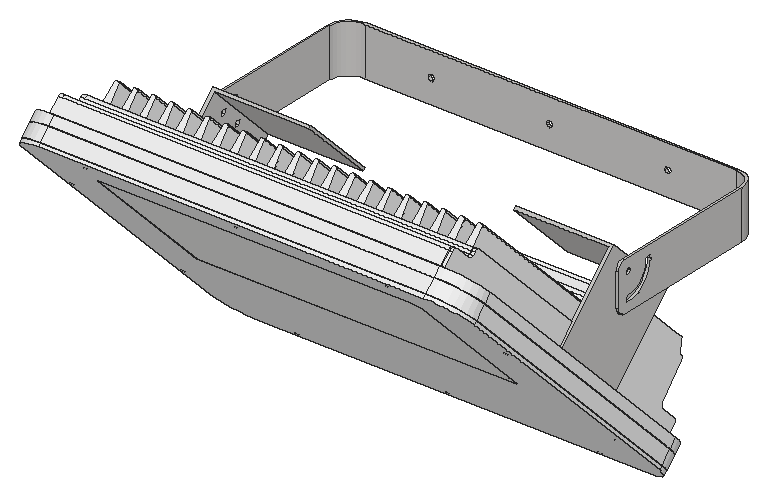
Revit family "FT ATEX LED MAX_2021", category Luminarias, Revit 2021 (continued)
Types (12, lengths in mm): name | Wattage | Power | Position | Archivo de red fotométrica | built-in parameter 1150142 | Modules | Lumens | built-in parameter 1150105 | built-in parameter 1150106 | Equiv MH
    624.2433\t643.4015\t667.6163\t691.1901\t701.8019\t686.2759\t639.1283\t562.5668\t470.6218\r\n370.5577\t237.2338\t116.231\t82.9001\t66.5907\t53.9135\t0\t0\t0\t0\r\n0\t0\t0\t0\t0\t0\t0\t0\t0\t0\r\n0\t0\t0\t0\t0\t0\t0\t0\t0\t0\r\n0\t0\t0\t0\t0\t0\t0\t0\t0\t0\r\n0\t0\t0\t0\t0\t0\t0\t0\t0\t0\r\n0\r\n1168.5778\t1136.1014\t1104.6222\t1073.143\t1041.9486\t1011.1103\t983.0497\t957.8378\t932.9108\t907.5565\r\n881.6324\t845.0965\t810.4124\t776.6541\t744.9612\t716.6156\t693.8965\t676.8749\t656.1499\t640.98\r\n630.0121\t622.1067\t613.2042\t607.1505\t602.3075\t599.53\t597.0373\t594.1172\t592.9777\t599.0314\r\n607.4354\t622.8189\t645.0395\t667.6163\t684.9227\t686.632\t652.8025\t603.3046\t532.7968\t432.6615\r\n321.5583\t205.3273\t110.6759\t84.1108\t66.9468\t55.0531\t0\t0\t0\t0\r\n0\t0\t0\t0\t0\t0\t0\t0\t0\t0\r\n0\t0\t0\t0\t0\t0\t0\t0\t0\t0\r\n0\t0\t0\t0\t0\t0\t0\t0\t0\t0\r\n0\t0\t0\t0\t0\t0\t0\t0\t0\t0\r\n0\r\n1166.1563\t1131.9707\t1098.6397\t1065.6649\t1033.4022\t1001.7093\t972.8652\t947.5109\t922.0853\t894.3808\r\n863.6849\t822.1637\t785.9127\t750.9437\t718.9659\t690.6916\t668.186\t650.5235\t631.8638\t618.6881\r\n609.2871\t599.53\t592.1231\t586.9952\t584.0752\t581.9386\t581.3689\t581.8674\t585.4996\t594.2597\r\n609.9281\t630.5107\t652.1615\t668.9695\t673.5988\t663.0582\t633.1458\t579.2323\t496.3322\t390.0007\r\n273.0575\t172.1387\t110.6759\t87.2445\t66.5907\t53.9135\t0\t0\t0\t0\r\n0\t0\t0\t0\t0\t0\t0\t0\t0\t0\r\n0\t0\t0\t0\t0\t0\t0\t0\t0\t0\r\n0\t0\t0\t0\t0\t0\t0\t0\t0\t0\r\n0\t0\t0\t0\t0\t0\t0\t0\t0\t0\r\n0\r\n1167.7943\t1131.3297\t1097.0017\t1062.3887\t1028.9153\t997.08\t967.5949\t941.8845\t915.4619\t885.7631\r\n849.0136\t805.8543\t767.6092\t731.7855\t700.4487\t672.4592\t649.8825\t631.7214\t614.5574\t602.8061\r\n592.3367\t584.2177\t578.5913\t574.6742\t572.039\t571.8254\t573.0361\t575.9561\t583.5767\t598.3904\r\n614.5574\t633.217\t654.0845\t667.1177\t667.8299\t655.9362\t616.694\t551.5277\t467.6305\t369.2045\r\n260.3803\t154.5474\t109.4651\t92.0162\t65.3087\t54.5545\t0\t0\t0\t0\r\n0\t0\t0\t0\t0\t0\t0\t0\t0\t0\r\n0\t0\t0\t0\t0\t0\t0\t0\t0\t0\r\n0\t0\t0\t0\t0\t0\t0\t0\t0\t0\r\n0\t0\t0\t0\t0\t0\t0\t0\t0\t0\r\n0\r\n1166.5836\t1128.5521\t1092.8709\t1057.7594\t1023.8587\t991.0263\t961.6837\t935.4035\t906.5594\t875.365\r\n834.6984\t788.8327\t749.4481\t713.6956\t682.5013\t656.0786\t634.1429\t615.9106\t600.8831\t588.9894\r\n580.0869\t573.8195\t569.4039\t565.9141\t565.2731\t566.199\t568.0507\t573.0361\t585.7133\t605.4412\r\n620.4686\t639.4844\t660.7079\t673.7412\t672.1031\t652.304\t606.2959\t539.4915\t448.4723\t356.3137\r\n247.4895\t139.9473\t105.3344\t87.743\t66.6619\t54.9106\t0\t0\t0\t0\r\n0\t0\t0\t0\t0\t0\t0\t0\t0\t0\r\n0\t0\t0\t0\t0\t0\t0\t0\t0\t0\r\n0\t0\t0\t0\t0\t0\t0\t0\t0\t0\r\n0\t0\t0\t0\t0\t0\t0\t0\t0\t0\r\n0\r\n1167.5807\t1128.3385\t1091.4465\t1055.6228\t1021.1524\t987.8926\t958.0514\t931.7713\t901.4315\t868.6703\r\n824.9413\t778.4346\t737.768\t702.0868\t670.75\t644.7547\t623.1038\t605.2988\t591.9806\t580.9415\r\n573.321\t567.7658\t562.4243\t560.0029\t561.4273\t561.9258\t565.2019\t572.68\t589.7728\t609.1447\r\n625.0979\t646.6776\t664.5538\t675.5217\t673.9549\t651.4493\t604.5154\t532.7256\t437.2908\t326.6149\r\n190.1574\t100.9187\t87.1021\t74.9947\t61.4629\t53.415\t0\t0\t0\t0\r\n0\t0\t0\t0\t0\t0\t0\t0\t0\t0\r\n0\t0\t0\t0\t0\t0\t0\t0\t0\t0\r\n0\t0\t0\t0\t0\t0\t0\t0\t0\t0\r\n0\t0\t0\t0\t0\t0\t0\t0\t0\t0\r\n0\r\n1166.2987\t1126.2019\t1088.5977\t1052.7028\t1017.5201\t984.4028\t954.348\t926.501\t895.7339\t861.5483\r\n815.1841\t767.894\t726.8713\t691.1901\t661.2065\t634.9975\t614.4149\t598.0343\t585.8557\t575.6713\r\n568.6917\t563.0653\t559.0058\t558.2936\t558.8633\t561.4273\t566.4127\t576.3122\t594.1172\t610.5691\r\n624.2433\t647.3186\t663.0582\t672.4592\t668.1148\t645.3956\t598.7465\t524.1792\t416.9931\t244.5695\r\n129.4067\t83.7547\t76.9888\t66.3058\t55.5516\t49.9252\t0\t0\t0\t0\r\n0\t0\t0\t0\t0\t0\t0\t0\t0\t0\r\n0\t0\t0\t0\t0\t0\t0\t0\t0\t0\r\n0\t0\t0\t0\t0\t0\t0\t0\t0\t0\r\n0\t0\t0\t0\t0\t0\t0\t0\t0\t0\r\n0\r\n1167.0821\t1126.0594\t1088.0992\t1051.9906\t1017.0216\t983.6194\t953.2085\t924.0795\t892.8851\t857.0615\r\n810.2699\t762.9799\t721.5298\t684.6379\t655.0816\t629.5136\t609.0734\t593.4763\t581.725\t572.3239\r\n567.2673\t562.4243\t559.5043\t559.0058\t560.6438\t562.5668\t567.4097\t577.1669\t594.4733\t608.7886\r\n624.9555\t646.6776\t661.2065\t669.6104\t666.1919\t646.8913\t601.168\t523.6807\t381.5255\t203.4755\r\n112.1715\t75.4932\t69.2258\t60.0385\t52.5604\t49.4267\t0\t0\t0\t0\r\n0\t0\t0\t0\t0\t0\t0\t0\t0\t0\r\n0\t0\t0\t0\t0\t0\t0\t0\t0\t0\r\n0\t0\t0\t0\t0\t0\t0\t0\t0\t0\r\n0\t0\t0\t0\t0\t0\t0\t0\t0\t0\r\n0\r\n1165.4441\t1124.4214\t1085.9626\t1049.3555\t1014.6001\t981.2692\t950.5733\t920.9458\t889.2529\t852.6458\r\n804.7148\t757.9945\t716.9717\t680.5071\t650.9508\t625.8101\t606.5095\t592.2655\t581.8674\t572.8225\r\n568.1932\t565.0595\t563.92\t562.7804\t564.5609\t564.917\t569.8312\t580.3718\t600.1709\t614.6998\r\n634.2141\t653.0162\t665.6933\t669.468\t660.9216\t641.5498\t596.3963\t517.2709\t341.9984\t184.8159\r\n102.9129\t72.0746\t65.3087\t58.4004\t55.694\t54.2696\t0\t0\t0\t0\r\n0\t0\t0\t0\t0\t0\t0\t0\t0\t0\r\n0\t0\t0\t0\t0\t0\t0\t0\t0\t0\r\n0\t0\t0\t0\t0\t0\t0\t0\t0\t0\r\n0\t0\t0\t0\t0\t0\t0\t0\t0\t0\r\n0\r\n1167.0821\t1125.5609\t1086.8172\t1050.3526\t1015.526\t982.2662\t951.7129\t921.4444\t889.609\t853.0019\r\n805.1421\t758.3506\t716.8293\t681.0056\t651.022\t626.4511\t609.2871\t595.3992\t585.2147\t575.6\r\n570.1873\t568.6917\t572.4664\t570.401\t568.6917\t570.5434\t573.6771\t582.3659\t603.0197\t619.8277\r\n637.2766\t653.3011\t664.9811\t669.6104\t659.2835\t639.9117\t596.7524\t519.5499\t341.7848\t189.0891\r\n103.8388\t72.7156\t64.4541\t57.5458\t55.694\t54.7682\t0\t0\t0\t0\r\n0\t0\t0\t0\t0\t0\t0\t0\t0\t0\r\n0\t0\t0\t0\t0\t0\t0\t0\t0\t0\r\n0\t0\t0\t0\t0\t0\t0\t0\t0\t0\r\n0\t0\t0\t0\t0\t0\t0\t0\t0\t0\r\n0\r\n1164.9455\t1124.0653\t1085.3216\t1049.3555\t1014.885\t981.6253\t951.2855\t921.0883\t888.8968\t852.5034\r\n804.5011\t757.3535\t716.3308\t681.1481\t651.4493\t626.9497\t608.4325\t593.9036\t582.722\t573.6771\r\n568.0507\t564.6322\t566.6975\t564.6322\t562.638\t564.5609\t569.3327\t580.9415\t600.527\t615.0559\r\n633.5019\t649.6688\t662.8445\t668.4709\t656.7908\t637.7751\t596.0402\t519.906\t349.5478\t187.5223\r\n104.8358\t73.0005\t66.9468\t59.896\t54.056\t53.415\t0\t0\t0\t0\r\n0\t0\t0\t0\t0\t0\t0\t0\t0\t0\r\n0\t0\t0\t0\t0\t0\t0\t0\t0\t0\r\n0\t0\t0\t0\t0\t0\t0\t0\t0\t0\r\n0\t0\t0\t0\t0\t0\t0\t0\t0\t0\r\n0\r\n1165.1592\t1124.7062\t1086.3187\t1051.2072\t1016.7367\t984.2604\t953.9207\t923.3673\t891.6032\t855.6371\r\n808.4894\t761.7691\t720.604\t684.7803\t655.0816\t629.3711\t609.9281\t594.4021\t582.5796\t572.4664\r\n566.5551\t561.6409\t559.2907\t560.1453\t559.0058\t560.4302\t565.7005\t576.4547\t593.2626\t607.0081\r\n624.7418\t644.1849\t656.0786\t664.4826\t657.7879\t637.3478\t597.7495\t528.0251\t395.7695\t216.0103\r\n118.5813\t78.342\t72.3595\t61.5341\t52.9165\t50.6374\t0\t0\t0\t0\r\n0\t0\t0\t0\t0\t0\t0\t0\t0\t0\r\n0\t0\t0\t0\t0\t0\t0\t0\t0\t0\r\n0\t0\t0\t0\t0\t0\t0\t0\t0\t0\r\n0\t0\t0\t0\t0\t0\t0\t0\t0\t0\r\n0\r\n1163.165\t1123.5667\t1085.6065\t1050.7087\t1017.0216\t984.0467\t954.4192\t924.578\t893.6686\t858.0586\r\n812.0504\t766.0423\t725.2333\t689.9081\t659.9245\t634.9975\t614.3437\t598.5329\t586.0694\t576.1698\r\n568.6917\t563.1365\t560.0029\t561.2848\t560.2877\t560.5014\t564.7746\t574.9591\t590.485\t608.5749\r\n625.454\t646.1791\t656.2923\t666.6904\t663.0582\t638.9858\t600.527\t537.3549\t439.5698\t275.6926\r\n141.0156\t90.2357\t80.3362\t67.4453\t55.694\t51.2784\t0\t0\t0\t0\r\n0\t0\t0\t0\t0\t0\t0\t0\t0\t0\r\n0\t0\t0\t0\t0\t0\t0\t0\t0\t0\r\n0\t0\t0\t0\t0\t0\t0\t0\t0\t0\r\n0\t0\t0\t0\t0\t0\t0\t0\t0\t0\r\n0\r\n1164.3046\t1125.917\t1089.2387\t1054.3409\t1020.725\t987.3941\t958.6924\t930.1332\t899.651\t866.1776\r\n821.95\t777.0102\t736.2011\t701.5882\t670.6075\t644.6834\t623.6023\t606.5095\t593.1202\t582.3659\r\n573.962\t567.7658\t562.9229\t561.997\t564.2761\t563.4214\t565.558\t571.3268\t585.0011\t603.8032\r\n621.9643\t644.2561\t658.0728\t670.9636\t672.4592\t653.6572\t612.0647\t554.234\t466.7759\t359.661\r\n215.6542\t114.3081\t90.5206\t74.9947\t60.8219\t54.2696\t0\t0\t0\t0\r\n0\t0\t0\t0\t0\t0\t0\t0\t0\t0\r\n0\t0\t0\t0\t0\t0\t0\t0\t0\t0\r\n0\t0\t0\t0\t0\t0\t0\t0\t0\t0\r\n0\t0\t0\t0\t0\t0\t0\t0\t0\t0\r\n0\r\n1161.8119\t1124.9199\t1089.7372\t1055.338\t1022.5055\t990.0292\t961.47\t934.4064\t904.7789\t872.3026\r\n831.7072\t787.6932\t748.7359\t713.482\t683.3559\t657.2894\t635.8522\t617.0501\t602.3788\t591.4821\r\n582.9357\t575.6713\t570.3298\t567.6946\t567.7658\t568.4068\t567.9083\t571.4693\t582.722\t599.7436\r\n615.6969\t639.1283\t655.5801\t668.827\t674.3822\t660.2094\t620.6111\t561.4273\t475.6784\t373.3352\r\n258.0301\t153.0518\t106.9724\t84.4669\t63.457\t55.0531\t0\t0\t0\t0\r\n0\t0\t0\t0\t0\t0\t0\t0\t0\t0\r\n0\t0\t0\t0\t0\t0\t0\t0\t0\t0\r\n0\t0\t0\t0\t0\t0\t0\t0\t0\t0\r\n0\t0\t0\t0\t0\t0\t0\t0\t0\t0\r\n0\r\n1162.9514\t1127.1989\t1092.586\t1059.2551\t1027.6334\t996.0829\t967.4525\t941.386\t914.0375\t883.128\r\n846.5921\t804.3587\t767.1106\t731.6431\t701.3033\t674.2397\t652.4464\t632.2199\t616.3379\t605.0139\r\n595.3992\t587.1377\t580.443\t576.0986\t573.962\t574.1756\t573.4634\t574.603\t582.5796\t596.7524\r\n610.2842\t633.217\t652.4464\t666.4768\t675.8778\t668.186\t632.8609\t571.5405\t486.2902\t393.0632\r\n282.9571\t166.8685\t113.2398\t88.1704\t63.6707\t54.7682\t0\t0\t0\t0\r\n0\t0\t0\t0\t0\t0\t0\t0\t0\t0\r\n0\t0\t0\t0\t0\t0\t0\t0\t0\t0\r\n0\t0\t0\t0\t0\t0\t0\t0\t0\t0\r\n0\t0\t0\t0\t0\t0\t0\t0\t0\t0\r\n0\r\n1161.6694\t1128.196\t1095.506\t1063.2434\t1032.4051\t1001.4244\t973.5062\t948.1519\t922.7263\t893.6686\r\n861.1922\t821.6651\t786.1976\t752.3681\t722.0284\t694.8935\t672.388\t652.5176\t634.6414\t621.6082\r\n611.21\t601.809\t594.1172\t588.6333\t585.3572\t583.363\t582.722\t582.0811\t586.2118\t596.2538\r\n610.5691\t630.8668\t650.6659\t670.6075\t683.4983\t678.3705\t649.1703\t587.9923\t506.0893\t412.8623\r\n306.6733\t180.6851\t114.9491\t86.6035\t64.6678\t55.1955\t0\t0\t0\t0\r\n0\t0\t0\t0\t0\t0\t0\t0\t0\t0\r\n0\t0\t0\t0\t0\t0\t0\t0\t0\t0\r\n0\t0\t0\t0\t0\t0\t0\t0\t0\t0\r\n0\t0\t0\t0\t0\t0\t0\t0\t0\t0\r\n0\r\n1161.9543\t1130.6175\t1099.4944\t1068.7985\t1039.4559\t1010.1133\t982.6223\t957.6953\t933.4093\t906.5594\r\n878.4987\t843.1024\t809.7714\t777.1526\t747.5963\t720.5327\t698.0272\t678.0144\t657.9304\t643.259\r\n631.8638\t622.3204\t613.4179\t606.7944\t602.3788\t598.889\t596.5387\t595.2568\t595.4704\t601.2392\r\n609.4295\t626.8784\t649.6688\t670.2514\t690.9052\t697.6711\t669.9665\t614.5574\t538.8505\t447.8314\r\n343.9926\t213.66\t112.5988\t85.6064\t65.4512\t55.9077\t0\t0\t0\t0\r\n0\t0\t0\t0\t0\t0\t0\t0\t0\t0\r\n0\t0\t0\t0\t0\t0\t0\t0\t0\t0\r\n0\t0\t0\t0\t0\t0\t0\t0\t0\t0\r\n0\t0\t0\t0\t0\t0\t0\t0\t0\t0\r\n0\r\n1160.9572\t1132.1131\t1102.9841\t1074.0688\t1045.5808\t1018.1611\t991.9522\t967.8798\t944.5196\t919.5926\r\n894.6656\t863.6849\t833.0603\t802.507\t774.019\t748.451\t727.0138\t708.0692\t685.9198\t670.2514\r\n658.2865\t648.6718\t640.2678\t631.7214\t626.5936\t621.3233\t617.335\t614.4149\t612.4208\t611.9222\r\n617.0501\t627.4482\t649.3127\t667.4738\t684.2818\t705.719\t678.1568\t629.5136\t565.4156\t480.1652\r\n372.1245\t231.0377\t124.4926\t88.5265\t67.8014\t56.5487\t0\t0\t0\t0\r\n0\t0\t0\t0\t0\t0\t0\t0\t0\t0\r\n0\t0\t0\t0\t0\t0\t0\t0\t0\t0\r\n0\t0\t0\t0\t0\t0\t0\t0\t0\t0\r\n0\t0\t0\t0\t0\t0\t0\t0\t0\t0\r\n0\r\n1160.8148\t1134.7483\t1108.0408\t1081.1908\t1054.1984\t1029.77\t1005.0566\t981.7677\t959.6895\t937.8962\r\n914.4648\t887.8997\t859.4117\t831.5647\t804.145\t780.2863\t760.1311\t743.4656\t722.3845\t703.2975\r\n691.9023\t682.6437\t674.4534\t666.4768\t657.7879\t653.7996\t648.3869\t642.5468\t636.8492\t633.858\r\n633.858\t638.9858\t652.4464\t669.2543\t675.8778\t696.9589\t693.8252\t651.5206\t598.5329\t523.5382\r\n431.0234\t280.9629\t165.088\t99.067\t70.579\t59.8248\t0\t0\t0\t0\r\n0\t0\t0\t0\t0\t0\t0\t0\t0\t0\r\n0\t0\t0\t0\t0\t0\t0\t0\t0\t0\r\n0\t0\t0\t0\t0\t0\t0\t0\t0\t0\r\n0\t0\t0\t0\t0\t0\t0\t0\t0\t0\r\n0\r\n1159.8889\t1136.3151\t1111.7442\t1086.9596\t1062.3887\t1039.812\t1017.5914\t995.6556\t975.2155\t954.9178\r\n933.7654\t911.3311\t884.6236\t860.1952\t834.4847\t812.549\t794.3167\t779.6453\t760.1311\t740.3319\r\n728.5094\t719.6069\t712.1288\t704.0809\t696.8165\t689.1247\t682.1452\t677.3734\t670.109\t662.0611\r\n658.9274\t663.5567\t665.0524\t675.7354\t680.5071\t685.2788\t690.0506\t662.8445\t631.2229\t572.1815\r\n497.3293\t366.8542\t212.378\t122.6408\t76.6327\t62.6736\t0\t0\t0\t0\r\n0\t0\t0\t0\t0\t0\t0\t0\t0\t0\r\n0\t0\t0\t0\t0\t0\t0\t0\t0\t0\r\n0\t0\t0\t0\t0\t0\t0\t0\t0\t0\r\n0\t0\t0\t0\t0\t0\t0\t0\t0\t0\r\n0\r\n1160.8148\t1140.3746\t1118.154\t1096.0046\t1073.6415\t1053.1301\t1032.5476\t1012.3923\t993.8039\t975.6428\r\n955.7012\t936.1157\t913.4677\t891.1046\t868.1718\t847.5892\t831.9208\t819.03\t803.3616\t780.2863\r\n768.1077\t760.4872\t753.3652\t746.1719\t739.1924\t732.5689\t725.7318\t718.3961\t710.4907\t703.5824\r\n698.3121\t694.395\t686.632\t682.9998\t679.51\t675.3793\t674.7383\t667.6875\t651.022\t617.335\r\n567.0536\t476.0345\t326.1876\t156.1855\t82.6152\t63.457\t0\t0\t0\t0\r\n0\t0\t0\t0\t0\t0\t0\t0\t0\t0\r\n0\t0\t0\t0\t0\t0\t0\t0\t0\t0\r\n0\t0\t0\t0\t0\t0\t0\t0\t0\t0\r\n0\t0\t0\t0\t0\t0\t0\t0\t0\t0\r\n0\r\n1159.3904\t1141.7278\t1122.4272\t1102.1295\t1082.544\t1064.3829\t1045.5808\t1027.7758\t1010.9679\t993.9463\r\n976.8535\t958.6924\t940.1752\t918.9517\t900.1496\t880.4929\t868.4567\t858.9132\t847.2331\t822.6622\r\n810.4124\t803.3616\t795.7411\t789.4737\t782.7078\t776.939\t771.3838\t764.1194\t755.573\t747.169\r\n740.1895\t728.8655\t722.7406\t711.9863\t699.3092\t690.6916\t678.5129\t675.7354\t673.1002\t672.1031\r\n651.5206\t569.5463\t448.8284\t235.9519\t109.0378\t70.0805\t0\t0\t0\t0\r\n0\t0\t0\t0\t0\t0\t0\t0\t0\t0\r\n0\t0\t0\t0\t0\t0\t0\t0\t0\t0\r\n0\t0\t0\t0\t0\t0\t0\t0\t0\t0\r\n0\t0\t0\t0\t0\t0\t0\t0\t0\t0\r\n0\r\n1159.8889\t1145.5025\t1129.1931\t1111.7442\t1094.509\t1078.5557\t1062.6024\t1046.4355\t1030.5534\t1014.885\r\n999.2878\t983.6194\t967.8798\t950.6446\t934.6201\t918.5956\t907.2716\t902.7847\t895.2354\t872.445\r\n858.9132\t851.0078\t846.236\t839.755\t834.0574\t827.5764\t822.3061\t816.8934\t811.7656\t806.9938\r\n797.8777\t789.4737\t782.5654\t767.6092\t746.1719\t726.3016\t710.5619\t701.4458\t701.8019\t702.7277\r\n706.7161\t642.262\t529.307\t333.452\t164.5894\t82.4015\t0\t0\t0\t0\r\n0\t0\t0\t0\t0\t0\t0\t0\t0\t0\r\n0\t0\t0\t0\t0\t0\t0\t0\t0\t0\r\n0\t0\t0\t0\t0\t0\t0\t0\t0\t0\r\n0\t0\t0\t0\t0\t0\t0\t0\t0\t0\r\n0\r\n1158.6782\t1147.3542\t1133.9648\t1119.0799\t1104.6222\t1090.948\t1077.5586\t1062.7448\t1048.5721\t1033.9007\r\n1019.728\t1006.6947\t993.6614\t980.4145\t966.7403\t953.4221\t944.3772\t942.5255\t939.5342\t924.2219\r\n907.2004\t900.7906\t897.8705\t895.1642\t891.0334\t887.1163\t883.6978\t881.846\t879.9943\t878.2138\r\n870.8069\t868.9552\t860.0527\t840.1111\t816.6797\t792.6786\t763.2647\t744.1778\t728.6518\t728.8655\r\n717.3991\t673.4563\t566.6975\t391.9237\t220.6396\t100.9187\t0\t0\t0\t0\r\n0\t0\t0\t0\t0\t0\t0\t0\t0\t0\r\n0\t0\t0\t0\t0\t0\t0\t0\t0\t0\r\n0\t0\t0\t0\t0\t0\t0\t0\t0\t0\r\n0\t0\t0\t0\t0\t0\t0\t0\t0\t0\r\n0\r\n1158.0372\t1150.6303\t1140.2322\t1128.4809\t1116.6584\t1105.6193\t1094.509\t1081.6894\t1068.7985\t1056.2638\r\n1043.4442\t1031.408\t1020.8675\t1011.324\t1001.0683\t990.1717\t981.6253\t982.6223\t983.9043\t979.9872\r\n959.191\t953.2085\t951.7841\t953.2085\t952.9236\t955.0602\t956.4134\t959.4758\t964.8173\t969.5891\r\n971.0847\t969.874\t958.3363\t935.1186\t913.0404\t887.1163\t848.8712\t811.5519\t767.894\t730.005\r\n703.796\t658.2152\t574.1756\t395.912\t216.0103\t107.471\t0\t0\t0\t0\r\n0\t0\t0\t0\t0\t0\t0\t0\t0\t0\r\n0\t0\t0\t0\t0\t0\t0\t0\t0\t0\r\n0\t0\t0\t0\t0\t0\t0\t0\t0\t0\r\n0\t0\t0\t0\t0\t0\t0\t0\t0\t0\r\n0\r\n1157.2538\t1153.0518\t1145.8586\t1137.4546\t1128.3385\t1120.2906\t1111.032\t1100.7763\t1089.9509\t1078.5557\r\n1066.5195\t1056.7624\t1048.216\t1040.9515\t1033.9007\t1025.9953\t1017.5201\t1020.725\t1025.7817\t1030.411\r\n1013.9591\t1006.9796\t1009.6147\t1015.2411\t1020.725\t1029.0578\t1038.3164\t1049.4979\t1063.6707\t1081.0484\r\n1092.4436\t1097.1441\t1088.0992\t1069.5107\t1046.4355\t1011.324\t957.8378\t893.3837\t817.8193\t741.0441\r\n667.6875\t589.844\t491.5604\t332.7398\t181.5398\t107.0437\t0\t0\t0\t0\r\n0\t0\t0\t0\t0\t0\t0\t0\t0\t0\r\n0\t0\t0\t0\t0\t0\t0\t0\t0\t0\r\n0\t0\t0\t0\t0\t0\t0\t0\t0\t0\r\n0\t0\t0\t0\t0\t0\t0\t0\t0\t0\r\n0\r\n1166.6548\t1165.3016\t1162.168\t1156.3991\t1150.6303\t1144.7191\t1137.7395\t1130.0477\t1121.2877\t1111.673\r\n1101.631\t1093.227\t1085.3216\t1078.8406\t1073.2854\t1068.8698\t1063.8844\t1065.5224\t1071.6473\t1082.8289\r\n1079.3391\t1071.4337\t1077.4162\t1087.8143\t1101.7734\t1119.5784\t1139.7337\t1164.8031\t1198.5614\t1237.1626\r\n1267.2175\t1288.2986\t1301.4743\t1303.4684\t1280.2507\t1228.9723\t1139.8761\t1028.2744\t896.1613\t736.4148\r\n585.0011\t461.5056\t338.5087\t201.9799\t110.3198\t80.2649\t0\t0\t0\t0\r\n0\t0\t0\t0\t0\t0\t0\t0\t0\t0\r\n0\t0\t0\t0\t0\t0\t0\t0\t0\t0\r\n0\t0\t0\t0\t0\t0\t0\t0\t0\t0\r\n0\t0\t0\t0\t0\t0\t0\t0\t0\t0\r\n0\r\n1168.4353\t1170.8568\t1171.4266\t1169.8597\t1167.2958\t1163.806\t1160.1738\t1155.7582\t1150.1318\t1143.0098\r\n1136.2439\t1130.1902\t1123.2818\t1117.1569\t1113.5247\t1112.1715\t1111.032\t1112.6701\t1119.1511\t1130.6175\r\n1143.1522\t1134.9619\t1139.52\t1154.1201\t1174.5602\t1201.7663\t1234.1714\t1274.9804\t1327.2559\t1390.5705\r\n1449.1133\t1498.6825\t1540.4174\t1569.119\t1556.0858\t1496.902\t1392.1373\t1229.6133\t986.2546\t736.0587\r\n547.753\t382.0953\t238.8007\t132.6116\t96.788\t72.8581\t0\t0\t0\t0\r\n0\t0\t0\t0\t0\t0\t0\t0\t0\t0\r\n0\t0\t0\t0\t0\t0\t0\t0\t0\t0\r\n0\t0\t0\t0\t0\t0\t0\t0\t0\t0\r\n0\t0\t0\t0\t0\t0\t0\t0\t0\t0\r\n0\r\n1172.0675\t1178.691\t1182.893\t1184.8871\t1186.0267\t1186.2403\t1185.5993\t1184.7447\t1182.7505\t1179.2608\r\n1175.5573\t1171.9251\t1168.2217\t1166.5836\t1164.9455\t1163.6636\t1164.5894\t1167.4382\t1178.691\t1191.5106\r\n1207.4639\t1209.6005\t1209.8141\t1229.7557\t1258.1013\t1293.5689\t1335.3038\t1387.8641\t1459.9388\t1550.1745\r\n1637.7039\t1718.1825\t1793.5333\t1844.0282\t1845.9512\t1790.6845\t1664.9099\t1422.0497\t1090.2358\t788.3342\r\n544.1208\t343.138\t196.5672\t125.1335\t90.0221\t69.7956\t0\t0\t0\t0\r\n0\t0\t0\t0\t0\t0\t0\t0\t0\t0\r\n0\t0\t0\t0\t0\t0\t0\t0\t0\t0\r\n0\t0\t0\t0\t0\t0\t0\t0\t0\t0\r\n0\t0\t0\t0\t0\t0\t0\t0\t0\t0\r\n0\r\n1171.0705\t1181.4686\t1189.2316\t1195.2853\t1200.1282\t1204.1878\t1207.6775\t1210.4551\t1212.8054\t1213.3039\r\n1213.4464\t1213.2327\t1212.5917\t1214.2298\t1215.4405\t1217.5771\t1220.3547\t1224.6279\t1238.0173\t1252.19\r\n1270.7785\t1282.5298\t1280.0371\t1298.5543\t1329.6774\t1367.6377\t1416.5658\t1476.2482\t1561.0712\t1663.1294\r\n1778.8619\t1890.9622\t1999.4303\t2090.3782\t2123.9941\t2088.5265\t1933.4806\t1643.6864\t1335.0901\t958.9773\r\n631.2229\t376.1128\t209.2444\t127.9111\t91.3753\t70.0805\t0\t0\t0\t0\r\n0\t0\t0\t0\t0\t0\t0\t0\t0\t0\r\n0\t0\t0\t0\t0\t0\t0\t0\t0\t0\r\n0\t0\t0\t0\t0\t0\t0\t0\t0\t0\r\n0\t0\t0\t0\t0\t0\t0\t0\t0\t0\r\n0\r\n1171.9251\t1186.0979\t1198.0628\t1207.6775\t1216.3664\t1223.8445\t1232.3909\t1239.1568\t1246.2076\t1250.9081\r\n1255.1101\t1258.7423\t1261.9472\t1266.7189\t1271.6331\t1276.5473\t1281.3902\t1286.162\t1292.7854\t1316.1456\r\n1335.6599\t1352.8951\t1355.1029\t1365.9996\t1393.2056\t1431.45
